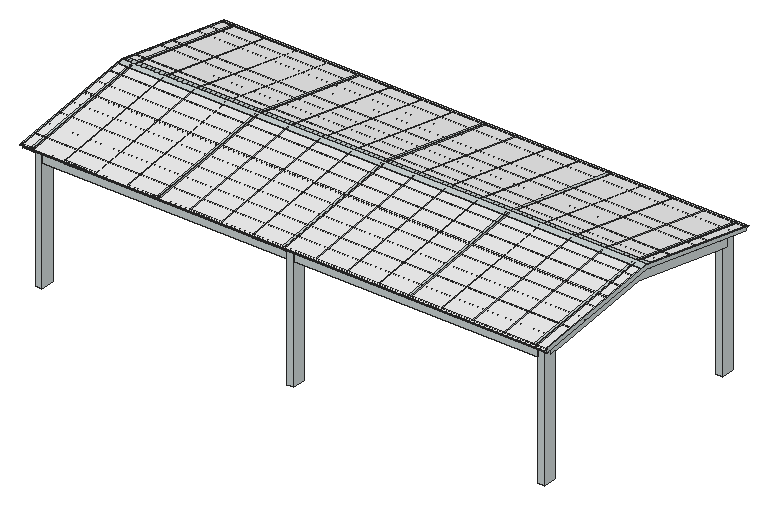
Revit family "Structures Unlimited Center Ridge Canopy", category Generic Models, Revit 2018
Family settings
  Can host rebar = No
  Round Connector Dimension = Use Diameter
  Part Type = Normal
  Work Plane-Based = No
  Always vertical = Yes
  Cut with Voids When Loaded = No
  Shared = Yes
  Room Calculation Point = No
Parameters (values of type "KCRF Aluminum #79")
  Real Out To Out Of Box Beams Length [instance] = if(Out To Out Of Box Beams Length < 10' 0", 10' 0", if(Out To Out Of Box Beams Length > 200' 0", 200' 0", Out To Out Of Box Beams Length))  # 32' - 5"
  Out To Out Of Box Beams Span [instance] = 15' - 0"
  Vertical PD [instance] = (Half Width Of Canopy + 0' 5") / cos(Real Roof Pitch) - 0' 2"  # 7' - 10.30976"
  URL = "https://www.structuresunlimitedinc.com/sui-3d-details/sui-center-ridge-canopy-wide-column-spacing/"
  Top Of Rafter [instance] = (Real Out To Out Of Box Beams Span / 2) * tan(Real Roof Pitch)  # 1' - 2.99625"
  Top Girder Offset [instance] = (Real Out To Out Of Box Beams Span / 2) * tan(Real Roof Pitch) - (Beam Width / 2) * tan(Real Roof Pitch)  # 1' - 2.57969"
  Roof Pitch [instance] = 9.46°
  Real Out To Out Of Box Beams Span [instance] = if(Out To Out Of Box Beams Span < 10' 0", 10' 0", if(Out To Out Of Box Beams Span > 30' 0", 30' 0", Out To Out Of Box Beams Span))  # 15' - 0"
  Real Roof Pitch [instance] = if(Roof Pitch < 9.46°, 9.46°, if(Roof Pitch > 45.00°, 45.00°, Roof Pitch))  # 9.46°
  Real Column Height [instance] = if(Column Height < 2' 0", 2' 0", if(Column Height > 12' 0", 12' 0", Column Height))  # 8' - 0"
  Out To Out Of Box Beams Length [instance] = 32' - 5"
  Nominal Column Spacing [instance] = 16' - 0"
  Center To Center Of Beams [instance] = Real Out To Out Of Box Beams Length - Beam Width  # 32' - 0"
  Rafter Spacing [instance] = Bay Spacing  # 8' - 0"
  Number Of Bays [instance] = Number Of Intmdt Rafters - 1  # 4
  Model = "Center Ridge Canopy"
  Manufacturer = "Structures Unlimited, Inc."
  Horizontal PD [instance] = Center To Center Of Beams + Beam Width + 1' 0"  # 33' - 5"
  Horizontal Grids Per Bay [instance] = Bay Spacing / 2' 0"  # 4
  Horizontal Grid Space [instance] = Bay Spacing / Horizontal Grids Per Bay  # 2' - 0"
  Exterior Ridge Cover Length [instance] = Center To Center Of Beams + Beam Width + 1' 0"  # 33' - 5"
  Panel Offset [instance] = 0' 5" / cos(Real Roof Pitch)  # 0' - 5.06893"
  Outside Of Column [instance] = Beam Height / 2  # 0' - 5"
  Number Of Intmdt Rafters [instance] = if(Column Spacing = Bay Spacing, Number Of Columns, Number Of Columns * 2 - 1)  # 5
  Number Of Columns [instance] = if((Center To Center Of Beams / Real Nominal Column Spacing) > 1, roundup(Center To Center Of Beams / Real Nominal Column Spacing) + 1, 2)  # 3
  Real Nominal Column Spacing [instance] = if(Nominal Column Spacing < 5' 0", 5' 0", if(Nominal Column Spacing > 20' 0", 20' 0", Nominal Column Spacing))  # 16' - 0"
  Half Width Of Canopy [instance] = Real Out To Out Of Box Beams Span / 2  # 7' - 6"
  Half Beam Width [instance] = Beam Width / 2  # 0' - 2 1/2"
  Girder Length [instance] = Center To Center Of Beams - Beam Width  # 31' - 7"
  KCRF = KCRF Aluminum #79
  Even Number Of Horizontal Grids Real [instance] = if(Even Number Of Bays, Even Number Of Bays, Even Number Of Horizontal Grids)  # yes
  Even Number Of Horizontal Grids [instance] = roundup(Horizontal Grids Per Bay / 2) = rounddown(Horizontal Grids Per Bay / 2)  # yes
  Even Number Of Bays [instance] = roundup(Number Of Bays / 2) = rounddown(Number Of Bays / 2)  # yes
  Column Spacing [instance] = Center To Center Of Beams / (Number Of Columns - 1)  # 16' - 0"
  Column Height [instance] = 8' - 0"
  Center Of Canopy [instance] = Center To Center Of Beams / 2  # 16' - 0"
  Beam Width [instance] = 0' - 5"  # constant formula
  Beam Height [instance] = 0' - 10"  # constant formula
  Bay Spacing [instance] = if(Column Spacing > 10' 0", Column Spacing * 0.5, Column Spacing)  # 8' - 0"
Reference planes (in)
  plane 1 "Center (Front/Back)": y = 0
  plane 2: z = 0
  plane 3 "Center (Left/Right)": x = 0
  plane 4: z = 0
  plane 5: z = 96
  plane 6: x = 192
  plane 7: y = 5
  plane 8: y = -175
  plane 9 "Back Roof Plane": through (0, 515.17994, 136.8903) normal (0, 0.1644, 0.9864)
  plane 10: y = -170
  plane 11: z = 110.57969
  plane 12: y = -85
  plane 13: z = 110.99625
  plane 14 "Front Roof Plane": through (0, 480.5224, 266.38609) normal (0, -0.1644, 0.9864)
Lines and regions (in)
  reference lines
    curve 1: line (0, -85, 110.99625) -> (0, 166.53215, 69.0847)
    curve 2: line (0, -85, 110.99625) -> (0, -380.92018, 61.68855)
    curve 3: line (0, -175, 96) -> (0, -241.07232, 492.53304)
    curve 4: line (0, -143.58814, -123.35891) -> (0, -253.05124, 533.58388)
    curve 5: line (0, 5, 96) -> (0, 82.90617, 563.55388)
    curve 6: line (0, -3.2597, 15.58882) -> (0, 103.24494, 654.77639)
Dimensions and locks (in)
  "Real Column Height": plane 5 to plane 4
  "Center Of Canopy": plane 3 "Center (Left/Right)" to plane 6
  "Outside Of Column": plane 1 "Center (Front/Back)" to plane 7
  "Real Out To Out Of Box Beams Span": plane 7 to plane 8
  "Outside Of Column": plane 8 to plane 10
  "Top Girder Offset": plane 11 to plane 5
  "Half Width Of Canopy": plane 7 to plane 12
  "Top Of Rafter": plane 13 to plane 5
  "Half Beam Width": plane 3 "Center (Left/Right)" to nested 1
  "Half Beam Width": plane 3 "Center (Left/Right)" to nested 2
  "Half Beam Width": plane 3 "Center (Left/Right)" to nested 3
  locked: curve 5 to plane 7 at 0
  locked: curve 5 to plane 5 at 0
  locked: curve 3 to plane 5 at 0
  locked: plane 8 to curve 3 at 0
  "Panel Offset": curve 5 to curve 6
  "Panel Offset": curve 4 to curve 3
  "Real Roof Pitch": angle plane 2 to plane 9 "Back Roof Plane"
  "Real Roof Pitch": angle plane 14 "Front Roof Plane" to plane 2
  "Real Roof Pitch": angle plane 13 to curve 1
  "Real Roof Pitch": angle curve 2 to plane 13
  "Real Roof Pitch": angle plane 7 to curve 5
  "Real Roof Pitch": angle plane 7 to curve 6
  "Real Roof Pitch": angle curve 3 to plane 8
  "Real Roof Pitch": angle curve 4 to plane 8
  aligned and locked: plane 2 to level
  aligned and locked: nested 1 to plane 8
  aligned and locked: plane 5 to nested 1
  aligned and locked: nested 2 to plane 12
  aligned and locked: plane 7 to nested 3
  aligned and locked: plane 5 to nested 3
  aligned and locked: plane 11 to nested 2
  aligned and locked: plane 6 to nested 4
  aligned and locked: plane 12 to nested 4
  aligned and locked: plane 4 to nested 4
  aligned and locked: plane 6 to nested 6
  aligned and locked: nested 5 to plane 6
  aligned and locked: nested 5 to curve 6
  aligned and locked: curve 4 to nested 6
  aligned and locked: curve 1 to nested 5
  aligned and locked: nested 6 to curve 2
  aligned and locked: plane 12 to nested 7
  aligned and locked: plane 6 to nested 7
  aligned and locked: plane 4 to nested 7
  aligned and locked: nested 8 to plane 3 "Center (Left/Right)"
  aligned and locked: plane 1 "Center (Front/Back)" to nested 8
  aligned and locked: nested 8 to plane 4
  aligned and locked: nested 9 to plane 3 "Center (Left/Right)"
  aligned and locked: nested 9 to plane 4
  aligned and locked: plane 1 "Center (Front/Back)" to nested 9
  aligned and locked: plane 4 to plane 2
Automatic sketch dimensions
  level to curve 6 = 1' - 3.58882"
  curve 3 to curve 4 = 3' - 5.05085"
Nested families (in)
  nested 1: "Center Ridge Canopy Girders" at (192, -172.5, 86), Beam Width <- "Beam Width", Beam Height <- "Beam Height", Girder Length <- "Girder Length", CRF <- "KCRF", type "Center Ridge Canopy Girders"
    with Girder Length 31' - 7", CRF KCRF Aluminum #79, Beam Width 0' - 5", Beam Height 0' - 10"
  nested 2: "Center Ridge Canopy Girders" at (192, -85, 100.57969), Beam Width <- "Beam Width", Beam Height <- "Beam Height", Girder Length <- "Girder Length", CRF <- "KCRF", type "Center Ridge Canopy Girders"
    with Girder Length 31' - 7", CRF KCRF Aluminum #79, Beam Width 0' - 5", Beam Height 0' - 10"
  nested 3: "Center Ridge Canopy Girders" at (192, 2.5, 86), Beam Width <- "Beam Width", Beam Height <- "Beam Height", Girder Length <- "Girder Length", CRF <- "KCRF", type "Center Ridge Canopy Girders"
    with Girder Length 31' - 7", CRF KCRF Aluminum #79, Beam Width 0' - 5", Beam Height 0' - 10"
  nested 4: "Center Ridge Canopy Ridge Cover" at (192, -85, 0) x (0, 1, 0) z (0, 0, 1), CRF <- "KCRF", Column Height <- "Real Column Height", Length <- "Exterior Ridge Cover Length", Roof Pitch <- "Real Roof Pitch", Width Of Canopy <- "Real Out To Out Of Box Beams Span", type "Center Ridge Canopy Ridge Cover"
    with Width Of Canopy 15' - 0", Roof Pitch 9.46°, RC Thickness 0' - 0.188", Panel Depth 0' - 2 3/4", Length 33' - 5", Leg Length 0' - 5", Column Height 8' - 0", CRF KCRF Aluminum #79
  nested 5: "Center Ridge Canopy Panels" at (192, 10, 95.16687) x (-1, 0, 0) z (0, 0.1644, 0.9864), CRF <- "KCRF", Bay Spacing <- "Bay Spacing", Horizontal PD <- "Horizontal PD", Vertical PD <- "Vertical PD", Even Bays <- "Even Number Of Bays", Horizontal Grid Spacing <- "Horizontal Grid Space", Even Grids <- "Even Number Of Horizontal Grids Real", type "Center Ridge Canopy Panels"
    with Vertical PD 7' - 10.30976", Vertical Grid Spacing 1' - 0", Panel Skin Thickness 0' - 0.063", Panel Angle 90.00°, Overlap Width 0' - 1 3/4", Overlap Offset 0' - 0 7/8", IBeam Width 0' - 0 1/2", IBeam Thickness 0' - 2 5/8", Horizontal PD 33' - 5", Horizontal Grid Spacing 2' - 0", Half IBeam Width 0' - 0 1/4", Half Horizontal PD 16' - 8 1/2", Grid Offset 0' - 0", Even Grids yes, Even Bays yes, CRF KCRF Aluminum #79, Bay Spacing 8' - 0", Batten Width 0' - 2", Batten Thickness 0' - 0 1/8", Batten Offset 0' - 0"
  nested 6: "Center Ridge Canopy Panels" at (192, -180, 95.16687) x (1, 0, 0) z (0, -0.1644, 0.9864), CRF <- "KCRF", Bay Spacing <- "Bay Spacing", Horizontal PD <- "Horizontal PD", Vertical PD <- "Vertical PD", Even Bays <- "Even Number Of Bays", Horizontal Grid Spacing <- "Horizontal Grid Space", Even Grids <- "Even Number Of Horizontal Grids Real", type "Center Ridge Canopy Panels"
    with Vertical PD 7' - 10.30976", Vertical Grid Spacing 1' - 0", Panel Skin Thickness 0' - 0.063", Panel Angle 90.00°, Overlap Width 0' - 1 3/4", Overlap Offset 0' - 0 7/8", IBeam Width 0' - 0 1/2", IBeam Thickness 0' - 2 5/8", Horizontal PD 33' - 5", Horizontal Grid Spacing 2' - 0", Half IBeam Width 0' - 0 1/4", Half Horizontal PD 16' - 8 1/2", Grid Offset 0' - 0", Even Grids yes, Even Bays yes, CRF KCRF Aluminum #79, Bay Spacing 8' - 0", Batten Width 0' - 2", Batten Thickness 0' - 0 1/8", Batten Offset 0' - 0"
  nested 7: "Center Ridge Canopy Edge Cap" at (192, -85, 0) x (0, 1, 0) z (0, 0, 1), CRF <- "KCRF", Length <- "Horizontal PD", Roof Pitch <- "Real Roof Pitch", Span <- "Real Out To Out Of Box Beams Span", Vertical Offset <- "Real Column Height", type "Center Ridge Canopy Edge Cap"
    with Vertical Offset 8' - 0", Thickness 0' - 0 1/8", Span 15' - 0", Roof Pitch 9.46°, Panel Offset 0' - 5.19393", Panel Depth 0' - 2 3/4", Length 33' - 5", Leg Length 0' - 0 1/2", CRF KCRF Aluminum #79
  nested 8: "Center Ridge Canopy Column" at (0, 0, 0) x (0, -1, 0) z (0, 0, 1), CRF <- "KCRF", Beam Height <- "Beam Height", Beam Width <- "Beam Width", CTR To CTR Of Beams <- "Center To Center Of Beams", Column Height <- "Real Column Height", Column Spacing <- "Column Spacing", Roof Pitch <- "Real Roof Pitch", Width Of Canopy <- "Real Out To Out Of Box Beams Span", type "Center Ridge Canopy Column"
    with Width Of Canopy 15' - 0", Void Width 15' - 7", Void Offset 8' - 0", Roof Pitch 9.46°, Half Beam Width 0' - 2 1/2", Half Beam Height 0' - 5", Column Spacing 16' - 0", Column Height 8' - 0", CTR To CTR Of Beams 32' - 0", CRF KCRF Aluminum #79, Beam Width 0' - 5", Beam Height 0' - 10"
  nested 9: "Center Ridge Canopy Rafter" at (0, 0, 0) x (0, -1, 0) z (0, 0, 1), CRF <- "KCRF", Beam Height <- "Beam Height", Beam Width <- "Beam Width", CTR To CTR Of Beams <- "Center To Center Of Beams", Column Height <- "Real Column Height", Column Spacing <- "Bay Spacing", Roof Pitch <- "Real Roof Pitch", Width Of Canopy <- "Real Out To Out Of Box Beams Span", type "Center Ridge Canopy Rafter"
    with Width Of Canopy 15' - 0", Void Width 7' - 7", Void Offset 4' - 0", Roof Pitch 9.46°, Half Beam Width 0' - 2 1/2", Half Beam Height 0' - 5", Column Spacing 8' - 0", Column Height 8' - 0", CTR To CTR Of Beams 32' - 0", CRF KCRF Aluminum #79, Beam Width 0' - 5", Beam Height 0' - 10"
Definition of nested family "Center Ridge Canopy Girders"
  Parameters (values of type "Center Ridge Canopy Girders")
    Girder Length [instance] = 17' - 1"
    CRF [instance] = none
    Beam Width [instance] = 0' - 5"
    Beam Height [instance] = 0' - 10"
  Reference planes (in)
    plane 1 "Center (Front/Back)": y = 0
    plane 2: z = 0
    plane 3 "Center (Left/Right)": x = 0
    plane 4: x = -102.5
    plane 5: x = 102.5
    plane 6: y = -2.5
    plane 7: y = 2.5
    plane 8: z = 10
  Forms (in)
    Extrusion 1, solid, material <- "CRF"
      sketch origin (0, 0, 0) x (0, 1, 0) y (0, 0, 1)
        loop
          line (2.5, 10) -> (-2.5, 10) -> (-2.5, 0) -> (2.5, 0) -> (2.5, 10)
      from -102.5 to 102.5
  Dimensions and locks (in)
    equal spacing: plane 7, plane 1 "Center (Front/Back)", plane 6
    equal spacing: plane 4, plane 3 "Center (Left/Right)", plane 5
    "Beam Width": plane 7 to plane 6
    "Girder Length": plane 4 to plane 5
    "Beam Height": plane 8 to plane 2
    aligned and locked: level to plane 2
    aligned and locked: Extrusion 1 sketch curve to plane 8
    aligned and locked: plane 6 to Extrusion 1 sketch curve
    aligned and locked: Extrusion 1 sketch curve to plane 7
    aligned and locked: plane 2 to Extrusion 1 sketch curve
    aligned and locked: Extrusion 1 to plane 4
    aligned and locked: plane 5 to Extrusion 1
Definition of nested family "Center Ridge Canopy Ridge Cover"
  Parameters (values of type "Center Ridge Canopy Ridge Cover")
    Width Of Canopy [instance] = 16' - 8"
    Roof Pitch [instance] = 12.00°
    RC Thickness [instance] = 0' - 0.188"
    Panel Depth [instance] = 0' - 2 3/4"
    Length [instance] = 50' - 0"
    Leg Length [instance] = 0' - 5"
    Column Height [instance] = 8' - 0"
    CRF [instance] = none
  Reference planes (in)
    plane 1 "Center (Front/Back)": y = 0
    plane 2: z = 0
    plane 3 "Center (Left/Right)": x = 0
    plane 4: y = 300
    plane 5: y = -300
    plane 6: z = 96
    plane 7: x = -100
    plane 8: x = 100
  Forms (in)
    Extrusion 1, solid, material <- "CRF"
      sketch origin (0, 0, 0) x (1, 0, 0) y (0, 0, 1)
        loop
          line (-4.89074, 116.2161) -> (-4.85165, 116.03221) -> (0, 117.06346) -> (4.85165, 116.03221) -> (4.89074, 116.2161) -> (0, 117.25566) -> (-4.89074, 116.2161)
        loop
          line (0, 120.06709) -> (4.89074, 119.02753) -> (4.92983, 119.21143) -> (0, 120.25929) -> (-4.92983, 119.21143) -> (-4.89074, 119.02753) -> (0, 120.06709)
      from -300 to 300
  Lines and regions (in)
    reference lines
      curve 1: line (-100, 0, 96) -> (216.91982, 0, 163.36339)
      curve 2: line (100, 0, 96) -> (-293.21534, 0, 179.5805)
      curve 3: line (-138.78275, 0, 149.56628) -> (100, 0, 98.81144)
      curve 4: line (-144.54135, 0, 89.34388) -> (215.41696, 0, 165.85538)
  Dimensions and locks (in)
    equal spacing: plane 4, plane 1 "Center (Front/Back)", plane 5
    "Length": plane 4 to plane 5
    "Column Height": plane 6 to plane 2
    equal spacing: plane 7, plane 3 "Center (Left/Right)", plane 8
    "Width Of Canopy": plane 7 to plane 8
    locked: plane 6 to curve 1
    locked: curve 1 to plane 7
    locked: plane 8 to curve 2
    locked: curve 2 to plane 6 at 0
    "Panel Depth": curve 1 to curve 4
    "Panel Depth": curve 3 to curve 2
    "Leg Length": Extrusion 1 sketch curve to Extrusion 1 sketch curve  (x4)
    "RC Thickness": Extrusion 1 sketch curve to Extrusion 1 sketch curve  (x4)
    "Roof Pitch": angle plane 6 to curve 1
    "Roof Pitch": angle curve 2 to plane 6
    "Roof Pitch": angle plane 6 to curve 4
    "Roof Pitch": angle curve 3 to plane 6
    aligned and locked: level to plane 2
    aligned and locked: curve 2 to Extrusion 1 sketch curve
    aligned and locked: curve 1 to Extrusion 1 sketch curve
    aligned and locked: curve 4 to Extrusion 1 sketch curve
    aligned and locked: curve 3 to Extrusion 1 sketch curve
    aligned and locked: Extrusion 1 to plane 5
    aligned and locked: plane 4 to Extrusion 1
  Automatic sketch dimensions
    curve 3 to plane 8 = 0' - 0"
    curve 4 to curve 1 = 0' - 1.50286"
Definition of nested family "Center Ridge Canopy Panels"
  Parameters (values of type "Center Ridge Canopy Panels")
    Vertical PD [instance] = 14' - 7"
    Vertical Grid Spacing [instance] = 1' - 0"  # constant formula
    Panel Skin Thickness [instance] = 0' - 0.063"  # constant formula
    Panel Angle [instance] = 90.00°
    Overlap Width [instance] = 0' - 1 3/4"  # constant formula
    Overlap Offset [instance] = Overlap Width / 2  # 0' - 0 7/8"
    IBeam Width [instance] = 0' - 0 1/2"  # constant formula
    IBeam Thickness [instance] = 0' - 2 5/8"  # constant formula
    Horizontal PD [instance] = 16' - 8"
    Horizontal Grid Spacing [instance] = 2' - 0"
    Half IBeam Width [instance] = IBeam Width / 2  # 0' - 0 1/4"
    Half Horizontal PD [instance] = Horizontal PD / 2  # 8' - 4"
    Grid Offset [instance] = if(Even Grids, 0' 0", Horizontal Grid Spacing / 2)  # 1' - 0"
    Even Grids [instance] = no
    Even Bays [instance] = no
    Default Elevation = 4' - 0"
    CRF [instance] = none
    Bay Spacing [instance] = 8' - 0"
    Batten Width [instance] = 0' - 2"  # constant formula
    Batten Thickness [instance] = 0' - 0 1/8"  # constant formula
    Batten Offset [instance] = if(Even Bays, 0' 0", Bay Spacing / 2)  # 4' - 0"
  Reference planes (in)
    plane 1 "Center (Front/Back)": y = 0
    plane 2: z = 0
    plane 3 "Center (Left/Right)": x = 0
    plane 4 "Left Panel": x = -100
    plane 5 "Right Panel": x = 100
    plane 6: z = 0.063
    plane 7: z = 2.688
    plane 8: z = 2.751
    plane 9: y = -1.75
    plane 10 "Left Outside": x = -2000
    plane 11 "Right Outside": x = 2000
    plane 12: y = 0.25
    plane 13 "Max Top PD": y = 1080
    plane 14 "Max Left PD": x = -1976
    plane 15 "Max Right PD": x = 1976
    plane 16 "Top Outside": y = 1104
    plane 17: x = -36
    plane 18: x = -60
    plane 19: x = -84
    plane 20: x = -108
    plane 21: x = -132
    plane 22: x = -156
    plane 23: x = -180
    plane 24: x = -204
    plane 25: x = 12
    plane 26: x = 36
    plane 27: x = 60
    plane 28: x = 84
    plane 29: x = 108
    plane 30: x = 132
    plane 31: x = 156
    plane 32: x = 180
    plane 33: x = 204
    plane 34: x = -228
    plane 35: x = -252
    plane 36: x = 228
    plane 37: x = -276
    plane 38: x = -300
    plane 39: x = -324
    plane 40: x = -348
    plane 41: x = -372
    plane 42: x = -396
    plane 43: x = -420
    plane 44: x = 252
    plane 45: x = 276
    plane 46: x = 300
    plane 47: x = 324
    plane 48: x = 348
    plane 49: x = 372
    plane 50: x = 396
    plane 51: y = 12.25
    plane 52: y = 24.25
    plane 53: y = 36.25
    plane 54: y = 48.25
    plane 55: y = 60.25
    plane 56: y = 72.25
    plane 57: y = 84.25
    plane 58: y = 96.25
    plane 59: y = 108.25
    plane 60: z = 2.876
    plane 61: z = -0.125
    plane 62 "Bot Max": y = -36
    plane 63 "Bot Outside": y = -48
    plane 64: x = -444
    plane 65: x = -468
    plane 66: x = 420
    plane 67: x = 444
    plane 68: y = 120.25
    plane 69: y = 132.25
    plane 70: y = 144.25
    plane 71: y = 156.25
    plane 72: y = 168.25
    plane 73: y = 180.25
    plane 74: y = 192.25
    plane 75: y = 204.25
    plane 76: y = 216.25
    plane 77: y = 228.25
    plane 78: y = 240.25
    plane 79: y = 252.25
    plane 80: y = 264.25
    plane 81: y = 276.25
    plane 82: y = 288.25
    plane 83: y = 300.25
    plane 84: y = 312.25
    plane 85: y = 324.25
    plane 86: y = 336.25
    plane 87: y = 348.25
    plane 88: y = 360.25
    plane 89: y = 372.25
    plane 90: y = 384.25
    plane 91: y = 396.25
    plane 92: y = 408.25
    plane 93: y = 420.25
    plane 94: y = 432.25
    plane 95: y = 444.25
    plane 96: y = 456.25
    plane 97: y = 468.25
    plane 98: y = 480.25
    plane 99: y = 492.25
    plane 100: y = 504.25
    plane 101: y = 516.25
    plane 102: y = 528.25
    plane 103: x = -492
    plane 104: x = -516
    plane 105: x = -540
    plane 106: x = -564
    plane 107: x = -588
    plane 108: x = -612
    plane 109: x = -636
    plane 110: x = -660
    plane 111: x = -684
    plane 112: x = -708
    plane 113: x = -732
    plane 114: x = -756
    plane 115: x = 468
    plane 116: x = 492
    plane 117: x = 540
    plane 118: x = 516
    plane 119: x = 564
    plane 120: x = 588
    plane 121: x = 636
    plane 122: x = 612
    plane 123: x = 660
    plane 124: x = 684
    plane 125: x = 708
    plane 126: x = 732
    plane 127: y = 540.25
    plane 128: y = 552.25
    plane 129: y = 564.25
    plane 130: y = 576.25
    plane 131: y = 588.25
    plane 132: y = 600.25
    plane 133: y = 612.25
    plane 134: y = 624.25
    plane 135: y = 636.25
    plane 136: y = 648.25
    plane 137: y = 660.25
    plane 138: y = 684.25
    plane 139: y = 696.25
    plane 140: y = 672.25
    plane 141: y = 708.25
    plane 142: y = 720.25
    plane 143: y = 744.25
    plane 144: y = 732.25
    plane 145: y = 768.25
    plane 146: y = 756.25
    plane 147: y = 780.25
    plane 148: y = 804.25
    plane 149: y = 792.25
    plane 150: y = 816.25
    plane 151: y = 828.25
    plane 152: y = 840.25
    plane 153: y = 852.25
    plane 154: y = 864.25
    plane 155: y = 876.25
    plane 156: y = 888.25
    plane 157: y = 900.25
    plane 158: y = 912.25
    plane 159: y = 936.25
    plane 160: y = 948.25
    plane 161: y = 960.25
    plane 162: y = 924.25
    plane 163: x = -780
    plane 164: x = -804
    plane 165: x = -828
    plane 166: x = -852
    plane 167: x = -876
    plane 168: x = -900
    plane 169: x = -924
    plane 170: x = -948
    plane 171: x = -972
    plane 172: x = 756
    plane 173: x = 780
    plane 174: x = 804
    plane 175: x = 828
    plane 176: x = 852
    plane 177: x = 876
    plane 178: x = 900
    plane 179: x = 924
    plane 180: x = 948
    plane 181: x = -996
    plane 182: x = -1020
    plane 183: x = -1044
    plane 184: x = -1068
    plane 185: x = 972
    plane 186: x = 996
    plane 187: x = 1020
    plane 188: x = 1044
    plane 189: x = -1092
    plane 190: x = -1116
    plane 191: x = -1140
    plane 192: x = -1164
    plane 193: x = 1068
    plane 194: x = 1092
    plane 195: x = 1116
    plane 196: x = 1140
    plane 197: x = -1188
    plane 198: x = -1212
    plane 199: x = -1236
    plane 200: x = 1188
    plane 201: x = 1164
    plane 202: x = 1212
    plane 203: y = 175.25
    plane 204: x = -1200
    plane 205: x = -1104
    plane 206: x = -1008
    plane 207: x = -912
    plane 208: x = -816
    plane 209: x = -720
    plane 210: x = -624
    plane 211: x = -528
    plane 212: x = -432
    plane 213: x = -336
    plane 214: x = -240
    plane 215: x = -144
    plane 216: x = -48
    plane 217: x = 48
    plane 218: x = 144
    plane 219: x = 240
    plane 220: x = 336
    plane 221: x = 432
    plane 222: x = 528
    plane 223: x = 624
    plane 224: x = 720
    plane 225: x = 816
    plane 226: x = 912
    plane 227: x = 1008
    plane 228: x = 1104
    plane 229: x = 1200
    plane 230: x = -12
  Forms (in)
    Extrusion 1, solid
      sketch origin (0, 0, 0) x (1, 0, 0) y (0, 1, 0)
        loop
          line (1976, 0) -> (1976, 1080) -> (-1976, 1080) -> (-1976, 0) -> (1976, 0)
      from 0.063 to 0
    Extrusion 2, solid
      sketch origin (0, 0, 0) x (1, 0, 0) y (0, 1, 0)
        loop
          line (1976, -1.75) -> (1976, 1080) -> (-1976, 1080) -> (-1976, -1.75) -> (1976, -1.75)
      from 2.688 to 2.751
    Sweep 3, solid
      path origin (0, 0, 0) x (1, 0, 0) y (0, 1, 0)
        loop
          line (1976, 1080) -> (1976, 0.25) -> (1212, 0.25) -> (1212, 1080) -> (1188, 1080) -> (1188, 0.25) -> (1164, 0.25) -> (1164, 1080) -> (1140, 1080) -> (1140, 0.25) -> (1116, 0.25) -> (1116, 1080) -> (1092, 1080) -> (1092, 0.25) -> (1068, 0.25) -> (1068, 1080) -> (1044, 1080) -> (1044, 0.25) -> (1020, 0.25) -> (1020, 1080) -> (996, 1080) -> (996, 0.25) -> (972, 0.25) -> (972, 1080) -> (948, 1080) -> (948, 0.25) -> (924, 0.25) -> (924, 1080) -> (900, 1080) -> (900, 0.25) -> (876, 0.25) -> (876, 1080) -> (852, 1080) -> (852, 0.25) -> (828, 0.25) -> (828, 1080) -> (804, 1080) -> (804, 0.25) -> (780, 0.25) -> (780, 1080) -> (756, 1080) -> (756, 0.25) -> (732, 0.25) -> (732, 1080) -> (708, 1080) -> (708, 0.25) -> (684, 0.25) -> (684, 1080) -> (660, 1080) -> (660, 0.25) -> (636, 0.25) -> (636, 1080) -> (612, 1080) -> (612, 0.25) -> (588, 0.25) -> (588, 1080) -> (564, 1080) -> (564, 0.25) -> (540, 0.25) -> (540, 1080) -> (516, 1080) -> (516, 0.25) -> (492, 0.25) -> (492, 1080) -> (468, 1080) -> (468, 0.25) -> (444, 0.25) -> (444, 1080) -> (420, 1080) -> (420, 0.25) -> (396, 0.25) -> (396, 1080) -> (372, 1080) -> (372, 0.25) -> (348, 0.25) -> (348, 1080) -> (324, 1080) -> (324, 0.25) -> (300, 0.25) -> (300, 1080) -> (276, 1080) -> (276, 0.25) -> (252, 0.25) -> (252, 1080) -> (228, 1080) -> (228, 0.25) -> (204, 0.25) -> (204, 1080) -> (180, 1080) -> (180, 0.25) -> (156, 0.25) -> (156, 1080) -> (132, 1080) -> (132, 0.25) -> (108, 0.25) -> (108, 1080) -> (84, 1080) -> (84, 0.25) -> (60, 0.25) -> (60, 1080) -> (36, 1080) -> (36, 0.25) -> (12, 0.25) -> (12, 1080) -> (-12, 1080) -> (-12, 0.25) -> (-36, 0.25) -> (-36, 1080) -> (-60, 1080) -> (-60, 0.25) -> (-84, 0.25) -> (-84, 1080) -> (-108, 1080) -> (-108, 0.25) -> (-132, 0.25) -> (-132, 1080) -> (-156, 1080) -> (-156, 0.25) -> (-180, 0.25) -> (-180, 1080) -> (-204, 1080) -> (-204, 0.25) -> (-228, 0.25) -> (-228, 1080) -> (-252, 1080) -> (-252, 0.25) -> (-276, 0.25) -> (-276, 1080) -> (-300, 1080) -> (-300, 0.25) -> (-324, 0.25) -> (-324, 1080) -> (-348, 1080) -> (-348, 0.25) -> (-372, 0.25) -> (-372, 1080) -> (-396, 1080) -> (-396, 0.25) -> (-420, 0.25) -> (-420, 1080) -> (-444, 1080) -> (-444, 0.25) -> (-468, 0.25) -> (-468, 1080) -> (-492, 1080) -> (-492, 0.25) -> (-516, 0.25) -> (-516, 1080) -> (-540, 1080) -> (-540, 0.25) -> (-564, 0.25) -> (-564, 1080) -> (-588, 1080) -> (-588, 0.25) -> (-612, 0.25) -> (-612, 1080) -> (-636, 1080) -> (-636, 0.25) -> (-660, 0.25) -> (-660, 1080) -> (-684, 1080) -> (-684, 0.25) -> (-708, 0.25) -> (-708, 1080) -> (-732, 1080) -> (-732, 0.25) -> (-756, 0.25) -> (-756, 1080) -> (-780, 1080) -> (-780, 0.25) -> (-804, 0.25) -> (-804, 1080) -> (-828, 1080) -> (-828, 0.25) -> (-852, 0.25) -> (-852, 1080) -> (-876, 1080) -> (-876, 0.25) -> (-900, 0.25) -> (-900, 1080) -> (-924, 1080) -> (-924, 0.25) -> (-948, 0.25) -> (-948, 1080) -> (-972, 1080) -> (-972, 0.25) -> (-996, 0.25) -> (-996, 1080) -> (-1020, 1080) -> (-1020, 0.25) -> (-1044, 0.25) -> (-1044, 1080) -> (-1068, 1080) -> (-1068, 0.25) -> (-1092, 0.25) -> (-1092, 1080) -> (-1116, 1080) -> (-1116, 0.25) -> (-1140, 0.25) -> (-1140, 1080) -> (-1164, 1080) -> (-1164, 0.25) -> (-1188, 0.25) -> (-1188, 1080) -> (-1212, 1080) -> (-1212, 0.25) -> (-1236, 0.25) -> (-1236, 1080) -> (-1976, 1080) -> (-1976, 0.25)
      profile origin (-1976, 540.125, 0) x (1, 0, 0) y (0, 0, 1)
        loop
          line (0.25, 0.063) -> (0.25, 2.688) -> (-0.25, 2.688) -> (-0.25, 0.063) -> (0.25, 0.063)
    Sweep 4, solid
      path origin (0, 0, 0) x (1, 0, 0) y (0, 1, 0)
        loop
          line (1976, 1080) -> (-1976, 1080) -> (-1976, 960.25) -> (1976, 960.25) -> (1976, 948.25) -> (-1976, 948.25) -> (-1976, 936.25) -> (1976, 936.25) -> (1976, 924.25) -> (-1976, 924.25) -> (-1976, 912.25) -> (1976, 912.25) -> (1976, 900.25) -> (-1976, 900.25) -> (-1976, 888.25) -> (1976, 888.25) -> (1976, 876.25) -> (-1976, 876.25) -> (-1976, 864.25) -> (1976, 864.25) -> (1976, 852.25) -> (-1976, 852.25) -> (-1976, 840.25) -> (1976, 840.25) -> (1976, 828.25) -> (-1976, 828.25) -> (-1976, 816.25) -> (1976, 816.25) -> (1976, 804.25) -> (-1976, 804.25) -> (-1976, 792.25) -> (1976, 792.25) -> (1976, 780.25) -> (-1976, 780.25) -> (-1976, 768.25) -> (1976, 768.25) -> (1976, 756.25) -> (-1976, 756.25) -> (-1976, 744.25) -> (1976, 744.25) -> (1976, 732.25) -> (-1976, 732.25) -> (-1976, 720.25) -> (1976, 720.25) -> (1976, 708.25) -> (-1976, 708.25) -> (-1976, 696.25) -> (1976, 696.25) -> (1976, 684.25) -> (-1976, 684.25) -> (-1976, 672.25) -> (1976, 672.25) -> (1976, 660.25) -> (-1976, 660.25) -> (-1976, 648.25) -> (1976, 648.25) -> (1976, 636.25) -> (-1976, 636.25) -> (-1976, 624.25) -> (1976, 624.25) -> (1976, 612.25) -> (-1976, 612.25) -> (-1976, 600.25) -> (1976, 600.25) -> (1976, 588.25) -> (-1976, 588.25) -> (-1976, 576.25) -> (1976, 576.25) -> (1976, 564.25) -> (-1976, 564.25) -> (-1976, 552.25) -> (1976, 552.25) -> (1976, 540.25) -> (-1976, 540.25) -> (-1976, 528.25) -> (1976, 528.25) -> (1976, 516.25) -> (-1976, 516.25) -> (-1976, 504.25) -> (1976, 504.25) -> (1976, 492.25) -> (-1976, 492.25) -> (-1976, 480.25) -> (1976, 480.25) -> (1976, 468.25) -> (-1976, 468.25) -> (-1976, 456.25) -> (1976, 456.25) -> (1976, 444.25) -> (-1976, 444.25) -> (-1976, 432.25) -> (1976, 432.25) -> (1976, 420.25) -> (-1976, 420.25) -> (-1976, 408.25) -> (1976, 408.25) -> (1976, 396.25) -> (-1976, 396.25) -> (-1976, 384.25) -> (1976, 384.25) -> (1976, 372.25) -> (-1976, 372.25) -> (-1976, 360.25) -> (1976, 360.25) -> (1976, 348.25) -> (-1976, 348.25) -> (-1976, 336.25) -> (1976, 336.25) -> (1976, 324.25) -> (-1976, 324.25) -> (-1976, 312.25) -> (1976, 312.25) -> (1976, 300.25) -> (-1976, 300.25) -> (-1976, 288.25) -> (1976, 288.25) -> (1976, 276.25) -> (-1976, 276.25) -> (-1976, 264.25) -> (1976, 264.25) -> (1976, 252.25) -> (-1976, 252.25) -> (-1976, 240.25) -> (1976, 240.25) -> (1976, 228.25) -> (-1976, 228.25) -> (-1976, 216.25) -> (1976, 216.25) -> (1976, 204.25) -> (-1976, 204.25) -> (-1976, 192.25) -> (1976, 192.25) -> (1976, 180.25) -> (-1976, 180.25) -> (-1976, 168.25) -> (1976, 168.25) -> (1976, 156.25) -> (-1976, 156.25) -> (-1976, 144.25) -> (1976, 144.25) -> (1976, 132.25) -> (-1976, 132.25) -> (-1976, 120.25) -> (1976, 120.25) -> (1976, 108.25) -> (-1976, 108.25) -> (-1976, 96.25) -> (1976, 96.25) -> (1976, 84.25) -> (-1976, 84.25) -> (-1976, 72.25) -> (1976, 72.25) -> (1976, 60.25) -> (-1976, 60.25) -> (-1976, 48.25) -> (1976, 48.25) -> (1976, 36.25) -> (-1976, 36.25) -> (-1976, 24.25) -> (1976, 24.25) -> (1976, 12.25) -> (-1976, 12.25) -> (-1976, 0.25) -> (1976, 0.25)
      profile origin (0, 0.25, 0) x (0, 1, 0) y (0, 0, 1)
        loop
          line (-0.25, 2.688) -> (-0.25, 0.063) -> (0.25, 0.063) -> (0.25, 2.688) -> (-0.25, 2.688)
    Extrusion 5, void
      sketch origin (0, 0, 0) x (1, 0, 0) y (0, 1, 0)
        loop
          line (-100, -1.75) -> (-100, 175.25) -> (100, 175.25) -> (100, -1.75) -> (2000, -1.75) -> (2000, 1104) -> (-2000, 1104) -> (-2000, -1.75) -> (-100, -1.75)
      from -0.125 to 2.876
    Extrusion 6, void
      sketch origin (0, 0, 0) x (1, 0, 0) y (0, 1, 0)
        loop
          line (-2000, -48) -> (2000, -48) -> (2000, 0) -> (-2000, 0) -> (-2000, -48)
      from -0.125 to 2.876
    Sweep 7, solid, material <- "CRF"
      path origin (0, 0, 0) x (1, 0, 0) y (0, 1, 0)
        loop
          line (1976, 1079.125) -> (-1976, 1079.125) -> (-1976, 959.375) -> (1976, 959.375) -> (1976, 899.375) -> (-1976, 899.375) -> (-1976, 839.375) -> (1976, 839.375) -> (1976, 779.375) -> (-1976, 779.375) -> (-1976, 719.375) -> (1976, 719.375) -> (1976, 659.375) -> (-1976, 659.375) -> (-1976, 599.375) -> (1976, 599.375) -> (1976, 539.375) -> (-1976, 539.375) -> (-1976, 479.375) -> (1976, 479.375) -> (1976, 419.375) -> (-1976, 419.375) -> (-1976, 359.375) -> (1976, 359.375) -> (1976, 299.375) -> (-1976, 299.375) -> (-1976, 239.375) -> (1976, 239.375) -> (1976, 179.375) -> (-1976, 179.375) -> (-1976, 119.375) -> (1976, 119.375) -> (1976, 59.375) -> (-1976, 59.375)
      profile origin (0, 59.375, 0) x (0, -1, 0) y (0, 0, 1)
        loop
          line (-0.875, 2.688) -> (-0.875, -0.125) -> (0.875, -0.125) -> (0.875, 2.688) -> (-0.875, 2.688)
    Sweep 8, solid, material <- "CRF"
      path origin (0, 0, 0) x (1, 0, 0) y (0, 1, 0)
        loop
          line (1976, -36) -> (1976, 1080) -> (1200, 1080) -> (1200, -36) -> (1104, -36) -> (1104, 1080) -> (1008, 1080) -> (1008, -36) -> (912, -36) -> (912, 1080) -> (816, 1080) -> (816, -36) -> (720, -36) -> (720, 1080) -> (624, 1080) -> (624, -36) -> (528, -36) -> (528, 1080) -> (432, 1080) -> (432, -36) -> (336, -36) -> (336, 1080) -> (240, 1080) -> (240, -36) -> (144, -36) -> (144, 1080) -> (48, 1080) -> (48, -36) -> (-48, -36) -> (-48, 1080) -> (-144, 1080) -> (-144, -36) -> (-240, -36) -> (-240, 1080) -> (-336, 1080) -> (-336, -36) -> (-432, -36) -> (-432, 1080) -> (-528, 1080) -> (-528, -36) -> (-624, -36) -> (-624, 1080) -> (-720, 1080) -> (-720, -36) -> (-816, -36) -> (-816, 1080) -> (-912, 1080) -> (-912, -36) -> (-1008, -36) -> (-1008, 1080) -> (-1104, 1080) -> (-1104, -36) -> (-1200, -36) -> (-1200, 1080) -> (-1976, 1080) -> (-1976, -36)
      profile origin (-1976, 522, 0) x (1, 0, 0) y (0, 0, 1)
        loop
          line (-1, 2.876) -> (-1, -0.125) -> (1, -0.125) -> (1, 2.876) -> (-1, 2.876)
    Extrusion 9, solid, material <- "CRF"
      sketch origin (0, 0, 0) x (0, 1, 0) y (0, 0, 1)
        loop
          line (0, 2.688) -> (-1.75, 2.688) -> (-1.75, 2.563) -> (-0.125, 2.563) -> (-0.125, -0.125) -> (0.5, -0.125) -> (0.5, 0) -> (0, 0) -> (0, 2.688)
      from -1976 to 1976
  Cuts and joins
    Extrusion 5, Extrusion 6 cuts Sweep 4
    Extrusion 5, Extrusion 6 cuts Sweep 3
    Extrusion 5 cuts Extrusion 2
    Extrusion 5, Extrusion 6 cuts Extrusion 1
    Extrusion 5 cuts Sweep 7
    Extrusion 5, Extrusion 6 cuts Sweep 8
    Extrusion 5 cuts Extrusion 9
  Lines and regions (in)
    reference lines
      curve 1: line (-100, 0, 0) -> (-100, 318, 0)
      curve 2: line (100, 0, 0) -> (100, 456, 0)
  Dimensions and locks (in)
    locked: plane 1 "Center (Front/Back)" to curve 1
    locked: plane 4 "Left Panel" to curve 1
    locked: plane 5 "Right Panel" to curve 2
    locked: plane 1 "Center (Front/Back)" to curve 2 at 0
    "Panel Skin Thickness": plane 6 to plane 2
    "IBeam Thickness": plane 7 to plane 6
    "Panel Skin Thickness": plane 8 to plane 7
    "Half Horizontal PD": plane 4 "Left Panel" to plane 3 "Center (Left/Right)"
    "Half Horizontal PD": plane 3 "Center (Left/Right)" to plane 5 "Right Panel"
    "Overlap Width": plane 1 "Center (Front/Back)" to plane 9
    locked: plane 10 "Left Outside" to plane 3 "Center (Left/Right)" at 2000
    locked: plane 3 "Center (Left/Right)" to plane 11 "Right Outside" at 2000
    "Half IBeam Width": plane 1 "Center (Front/Back)" to plane 12
    locked: plane 1 "Center (Front/Back)" to plane 13 "Max Top PD" at 1080
    equal spacing: Sweep 3 sketch curve, profile plane, Sweep 3 sketch curve
    "IBeam Width": Sweep 3 sketch curve to Sweep 3 sketch curve
    "IBeam Width": Sweep 4 sketch curve to Sweep 4 sketch curve
    equal spacing: Sweep 4 sketch curve, plane 12, Sweep 4 sketch curve
    "Batten Thickness": plane 60 to plane 8
    "Batten Thickness": plane 2 to plane 61
    locked: plane 62 "Bot Max" to plane 1 "Center (Front/Back)" at 36
    locked: plane 63 "Bot Outside" to plane 1 "Center (Front/Back)" at 48
    "Vertical Grid Spacing": plane 102 to plane 101 to plane 100 to plane 99 to plane 98 to plane 97 to plane 96 to plane 95 to plane 94 to plane 93 to plane 92 to plane 91 to plane 90 to plane 89 to plane 88 to plane 87 to plane 86 to plane 85 to plane 84 to plane 83 to plane 82 to plane 81 to plane 80 to plane 79 to plane 78 to plane 77 to plane 76 to plane 75 to plane 74 to plane 73 to plane 72 to plane 71 to plane 70 to plane 69 to plane 68 to plane 59 to plane 58 to plane 57 to plane 56 to plane 55 to plane 54 to plane 53 to plane 52 to plane 51 to plane 12
    "Overlap Offset": Sweep 7 sketch curve to plane 55
    "Overlap Offset": plane 68 to Sweep 7 sketch curve
    "Overlap Offset": plane 73 to Sweep 7 sketch curve
    "Overlap Offset": plane 78 to Sweep 7 sketch curve
    "Overlap Offset": plane 83 to Sweep 7 sketch curve
    "Overlap Offset": Sweep 7 sketch curve to plane 88
    "Overlap Offset": plane 93 to Sweep 7 sketch curve
    "Overlap Offset": Sweep 7 sketch curve to plane 98
    "Overlap Offset": plane 13 "Max Top PD" to Sweep 7 sketch curve
    equal spacing: Sweep 7 sketch curve, profile plane, Sweep 7 sketch curve
    "Overlap Width": Sweep 7 sketch curve to Sweep 7 sketch curve
    locked: plane 10 "Left Outside" to plane 14 "Max Left PD" at 24
    locked: plane 15 "Max Right PD" to plane 11 "Right Outside" at 24
    locked: plane 16 "Top Outside" to plane 13 "Max Top PD" at 24
    "Vertical Grid Spacing": plane 102 to plane 127 to plane 128 to plane 129 to plane 130 to plane 131 to plane 132 to plane 133 to plane 134 to plane 135 to plane 136 to plane 137 to plane 140 to plane 138 to plane 139 to plane 141 to plane 142 to plane 144 to plane 143 to plane 146 to plane 145 to plane 147
    "Vertical Grid Spacing": plane 147 to plane 149 to plane 148 to plane 150 to plane 151 to plane 152 to plane 153 to plane 154 to plane 155 to plane 156 to plane 157 to plane 158 to plane 162 to plane 159 to plane 160 to plane 161
    "Overlap Offset": Sweep 7 sketch curve to plane 127
    "Overlap Offset": plane 132 to Sweep 7 sketch curve
    "Overlap Offset": Sweep 7 sketch curve to plane 137
    "Overlap Offset": Sweep 7 sketch curve to plane 142
    "Overlap Offset": Sweep 7 sketch curve to plane 147
    "Overlap Offset": Sweep 7 sketch curve to plane 152
    "Overlap Offset": plane 157 to Sweep 7 sketch curve
    "Overlap Offset": Sweep 7 sketch curve to plane 161
    "Vertical PD": plane 203 to plane 12
    "Batten Offset": plane 216 to plane 3 "Center (Left/Right)"
    "Bay Spacing": plane 204 to plane 205 to plane 206 to plane 207 to plane 208 to plane 209 to plane 210 to plane 211 to plane 212 to plane 213 to plane 214 to plane 215 to plane 216
    "Bay Spacing": plane 216 to plane 217 to plane 218 to plane 219 to plane 220 to plane 221 to plane 222 to plane 223 to plane 224 to plane 225 to plane 226 to plane 227 to plane 228
    equal spacing: Sweep 8 sketch curve, profile plane, Sweep 8 sketch curve
    "Batten Width": Sweep 8 sketch curve to Sweep 8 sketch curve
    "Bay Spacing": plane 228 to plane 229
    locked: Extrusion 9 sketch curve to Extrusion 9 sketch curve at 0.125  (x3)
    locked: Extrusion 9 sketch curve to Extrusion 9 sketch curve at 0.5
    "Grid Offset": plane 230 to plane 3 "Center (Left/Right)"
    "Horizontal Grid Spacing": plane 199 to plane 198 to plane 197 to plane 192 to plane 191 to plane 190 to plane 189 to plane 184 to plane 183 to plane 182 to plane 181 to plane 171 to plane 170 to plane 169 to plane 168 to plane 167 to plane 166 to plane 165 to plane 164 to plane 163 to plane 114 to plane 113 to plane 112 to plane 111 to plane 110 to plane 109 to plane 108 to plane 107 to plane 106 to plane 105 to plane 104 to plane 103 to plane 65 to plane 64 to plane 43 to plane 42 to plane 41 to plane 40 to plane 39 to plane 38 to plane 37 to plane 35 to plane 34 to plane 24 to plane 23 to plane 22 to plane 21 to plane 20 to plane 19 to plane 18 to plane 17 to plane 230
    "Horizontal Grid Spacing": plane 230 to plane 25 to plane 26 to plane 27 to plane 28 to plane 29 to plane 30 to plane 31 to plane 32 to plane 33 to plane 36 to plane 44 to plane 45 to plane 46 to plane 47 to plane 48 to plane 49 to plane 50 to plane 66 to plane 67 to plane 115 to plane 116 to plane 118 to plane 117 to plane 119 to plane 120 to plane 122 to plane 121 to plane 123 to plane 124 to plane 125 to plane 126 to plane 172 to plane 173 to plane 174 to plane 175 to plane 176 to plane 177 to plane 178 to plane 179 to plane 180 to plane 185 to plane 186 to plane 187 to plane 188 to plane 193 to plane 194 to plane 195 to plane 196 to plane 201 to plane 200 to plane 202
    "Panel Angle": angle plane 1 "Center (Front/Back)" to curve 1
    "Panel Angle": angle curve 2 to plane 1 "Center (Front/Back)"
    aligned and locked: level to plane 2
    aligned and locked: Extrusion 1 sketch curve to plane 1 "Center (Front/Back)"
    aligned and locked: plane 2 to Extrusion 1
    aligned and locked: Extrusion 1 to plane 6
    aligned and locked: Extrusion 2 sketch curve to plane 9
    aligned and locked: Extrusion 2 to plane 7
    aligned and locked: Extrusion 2 to plane 8
    aligned and locked: Sweep 3 sketch curve to plane 14 "Max Left PD"
    aligned and locked: Sweep 3 sketch curve to plane 13 "Max Top PD"  (x42)
    aligned and locked: Sweep 3 sketch curve to plane 42
    aligned and locked: Sweep 3 sketch curve to plane 41
    aligned and locked: Sweep 3 sketch curve to plane 40
    aligned and locked: Sweep 3 sketch curve to plane 39
    aligned and locked: Sweep 3 sketch curve to plane 38
    aligned and locked: Sweep 3 sketch curve to plane 37
    aligned and locked: Sweep 3 sketch curve to plane 35
    aligned and locked: Sweep 3 sketch curve to plane 34
    aligned and locked: Sweep 3 sketch curve to plane 24
    aligned and locked: Sweep 3 sketch curve to plane 23
    aligned and locked: Sweep 3 sketch curve to plane 22
    aligned and locked: Sweep 3 sketch curve to plane 21
    aligned and locked: Sweep 3 sketch curve to plane 20
    aligned and locked: Sweep 3 sketch curve to plane 19
    aligned and locked: Sweep 3 sketch curve to plane 18
    aligned and locked: Sweep 3 sketch curve to plane 17
    aligned and locked: Sweep 3 sketch curve to plane 25
    aligned and locked: Sweep 3 sketch curve to plane 26
    aligned and locked: Sweep 3 sketch curve to plane 27
    aligned and locked: Sweep 3 sketch curve to plane 28
    aligned and locked: Sweep 3 sketch curve to plane 29
    aligned and locked: Sweep 3 sketch curve to plane 30
    aligned and locked: Sweep 3 sketch curve to plane 31
    aligned and locked: Sweep 3 sketch curve to plane 32
    aligned and locked: Sweep 3 sketch curve to plane 33
    aligned and locked: Sweep 3 sketch curve to plane 36
    aligned and locked: Sweep 3 sketch curve to plane 44
    aligned and locked: Sweep 3 sketch curve to plane 45
    aligned and locked: Sweep 3 sketch curve to plane 46
    aligned and locked: Sweep 3 sketch curve to plane 47
    aligned and locked: Sweep 3 sketch curve to plane 48
    aligned and locked: Sweep 3 sketch curve to plane 49
    aligned and locked: Sweep 3 sketch curve to plane 50
    aligned and locked: Sweep 3 sketch curve to plane 12  (x42)
    aligned and locked: plane 12 to Sweep 3 sketch curve  (x11)
    aligned and locked: Sweep 3 sketch curve to plane 7
    aligned and locked: plane 6 to Sweep 3 sketch curve
    aligned and locked: Extrusion 2 sketch curve to plane 15 "Max Right PD"
    aligned and locked: plane 14 "Max Left PD" to Extrusion 2 sketch curve
    aligned and locked: Extrusion 2 sketch curve to plane 13 "Max Top PD"
    aligned and locked: plane 13 "Max Top PD" to Extrusion 1 sketch curve
    aligned and locked: Extrusion 1 sketch curve to plane 14 "Max Left PD"
    aligned and locked: Extrusion 1 sketch curve to plane 15 "Max Right PD"
    aligned and locked: Sweep 4 sketch curve to plane 12
    aligned and locked: Sweep 4 sketch curve to plane 51
    aligned and locked: Sweep 4 sketch curve to plane 52
    aligned and locked: Sweep 4 sketch curve to plane 53
    aligned and locked: Sweep 4 sketch curve to plane 54
    aligned and locked: Sweep 4 sketch curve to plane 55
    aligned and locked: Sweep 4 sketch curve to plane 56
    aligned and locked: Sweep 4 sketch curve to plane 57
    aligned and locked: Sweep 4 sketch curve to plane 58
    aligned and locked: Sweep 4 sketch curve to plane 59
    aligned and locked: Sweep 4 sketch curve to plane 13 "Max Top PD"
    aligned and locked: plane 15 "Max Right PD" to Sweep 4 sketch curve
    aligned and locked: plane 14 "Max Left PD" to Sweep 4 sketch curve  (x41)
    aligned and locked: Sweep 4 sketch curve to plane 15 "Max Right PD"  (x41)
    aligned and locked: plane 6 to Sweep 4 sketch curve
    aligned and locked: Sweep 4 sketch curve to plane 7
    aligned and locked: Extrusion 5 sketch curve to plane 16 "Top Outside"
    aligned and locked: plane 9 to Extrusion 5 sketch curve
    aligned and locked: Extrusion 5 sketch curve to plane 9
    aligned and locked: Extrusion 5 sketch curve to curve 1
    aligned and locked: Extrusion 5 sketch curve to curve 2
    aligned and locked: Extrusion 5 sketch curve to plane 11 "Right Outside"
    aligned and locked: plane 10 "Left Outside" to Extrusion 5 sketch curve
    aligned and locked: Extrusion 5 to plane 61
    aligned and locked: Extrusion 5 to plane 60
    aligned and locked: Extrusion 6 sketch curve to plane 1 "Center (Front/Back)"
    aligned and locked: plane 11 "Right Outside" to Extrusion 6 sketch curve
    aligned and locked: Extrusion 6 sketch curve to plane 10 "Left Outside"
    aligned and locked: Extrusion 6 sketch curve to plane 63 "Bot Outside"
    aligned and locked: plane 61 to Extrusion 6
    aligned and locked: plane 60 to Extrusion 6
    aligned and locked: Sweep 3 sketch curve to plane 65
    aligned and locked: Sweep 3 sketch curve to plane 64
    aligned and locked: Sweep 3 sketch curve to plane 43
    aligned and locked: Sweep 3 sketch curve to plane 66
    aligned and locked: Sweep 3 sketch curve to plane 67
    aligned and locked: Sweep 3 sketch curve to plane 15 "Max Right PD"
    aligned and locked: plane 13 "Max Top PD" to Sweep 3 sketch curve  (x11)
    aligned and locked: Sweep 4 sketch curve to plane 68
    aligned and locked: Sweep 4 sketch curve to plane 69
    aligned and locked: Sweep 4 sketch curve to plane 70
    aligned and locked: Sweep 4 sketch curve to plane 71
    aligned and locked: Sweep 4 sketch curve to plane 72
    aligned and locked: Sweep 4 sketch curve to plane 73
    aligned and locked: Sweep 4 sketch curve to plane 74
    aligned and locked: Sweep 4 sketch curve to plane 75
    aligned and locked: Sweep 4 sketch curve to plane 76
    aligned and locked: Sweep 4 sketch curve to plane 77
    aligned and locked: Sweep 4 sketch curve to plane 78
    aligned and locked: Sweep 4 sketch curve to plane 79
    aligned and locked: Sweep 4 sketch curve to plane 80
    aligned and locked: Sweep 4 sketch curve to plane 81
    aligned and locked: Sweep 4 sketch curve to plane 82
    aligned and locked: Sweep 4 sketch curve to plane 83
    aligned and locked: Sweep 4 sketch curve to plane 84
    aligned and locked: Sweep 4 sketch curve to plane 85
    aligned and locked: Sweep 4 sketch curve to plane 86
    aligned and locked: Sweep 4 sketch curve to plane 87
    aligned and locked: Sweep 4 sketch curve to plane 88
    aligned and locked: Sweep 4 sketch curve to plane 89
    aligned and locked: Sweep 4 sketch curve to plane 90
    aligned and locked: Sweep 4 sketch curve to plane 91
    aligned and locked: Sweep 4 sketch curve to plane 92
    aligned and locked: Sweep 4 sketch curve to plane 93
    aligned and locked: Sweep 4 sketch curve to plane 94
    aligned and locked: Sweep 4 sketch curve to plane 95
    aligned and locked: Sweep 4 sketch curve to plane 96
    aligned and locked: Sweep 4 sketch curve to plane 97
    aligned and locked: Sweep 4 sketch curve to plane 98
    aligned and locked: Sweep 4 sketch curve to plane 99
    aligned and locked: Sweep 4 sketch curve to plane 100
    aligned and locked: Sweep 4 sketch curve to plane 101
    aligned and locked: Sweep 4 sketch curve to plane 102
    aligned and locked: plane 14 "Max Left PD" to Sweep 7 sketch curve  (x9)
    aligned and locked: Sweep 7 sketch curve to plane 15 "Max Right PD"  (x9)
    aligned and locked: Sweep 7 sketch curve to plane 7
    aligned and locked: Sweep 7 sketch curve to plane 61
    aligned and locked: Sweep 3 sketch curve to plane 103
    aligned and locked: Sweep 3 sketch curve to plane 104
    aligned and locked: Sweep 3 sketch curve to plane 105
    aligned and locked: Sweep 3 sketch curve to plane 106
    aligned and locked: Sweep 3 sketch curve to plane 107
    aligned and locked: Sweep 3 sketch curve to plane 108
    aligned and locked: Sweep 3 sketch curve to plane 109
    aligned and locked: Sweep 3 sketch curve to plane 110
    aligned and locked: Sweep 3 sketch curve to plane 111
    aligned and locked: Sweep 3 sketch curve to plane 112
    aligned and locked: Sweep 3 sketch curve to plane 113
    aligned and locked: Sweep 3 sketch curve to plane 114
    aligned and locked: Sweep 3 sketch curve to plane 115
    aligned and locked: Sweep 3 sketch curve to plane 116
    aligned and locked: Sweep 3 sketch curve to plane 118
    aligned and locked: Sweep 3 sketch curve to plane 117
    aligned and locked: Sweep 3 sketch curve to plane 119
    aligned and locked: Sweep 3 sketch curve to plane 120
    aligned and locked: Sweep 3 sketch curve to plane 122
    aligned and locked: Sweep 3 sketch curve to plane 121
    aligned and locked: Sweep 3 sketch curve to plane 123
    aligned and locked: Sweep 3 sketch curve to plane 124
    aligned and locked: Sweep 3 sketch curve to plane 125
    aligned and locked: Sweep 3 sketch curve to plane 126
    aligned and locked: Sweep 4 sketch curve to plane 127
    aligned and locked: Sweep 4 sketch curve to plane 128
    aligned and locked: Sweep 4 sketch curve to plane 129
    aligned and locked: Sweep 4 sketch curve to plane 130
    aligned and locked: Sweep 4 sketch curve to plane 131
    aligned and locked: Sweep 4 sketch curve to plane 132
    aligned and locked: Sweep 4 sketch curve to plane 133
    aligned and locked: Sweep 4 sketch curve to plane 134
    aligned and locked: Sweep 4 sketch curve to plane 135
    aligned and locked: Sweep 4 sketch curve to plane 136
    aligned and locked: Sweep 4 sketch curve to plane 137
    aligned and locked: Sweep 4 sketch curve to plane 140
    aligned and locked: Sweep 4 sketch curve to plane 138
    aligned and locked: Sweep 4 sketch curve to plane 139
    aligned and locked: Sweep 4 sketch curve to plane 141
    aligned and locked: Sweep 4 sketch curve to plane 142
    aligned and locked: Sweep 4 sketch curve to plane 144
    aligned and locked: Sweep 4 sketch curve to plane 143
    aligned and locked: Sweep 4 sketch curve to plane 146
    aligned and locked: Sweep 4 sketch curve to plane 145
    aligned and locked: Sweep 4 sketch curve to plane 147
    aligned and locked: Sweep 4 sketch curve to plane 149
    aligned and locked: Sweep 4 sketch curve to plane 148
    aligned and locked: Sweep 4 sketch curve to plane 150
    aligned and locked: Sweep 4 sketch curve to plane 151
    aligned and locked: Sweep 4 sketch curve to plane 152
    aligned and locked: Sweep 4 sketch curve to plane 153
    aligned and locked: Sweep 4 sketch curve to plane 154
    aligned and locked: Sweep 4 sketch curve to plane 155
    aligned and locked: Sweep 4 sketch curve to plane 156
    aligned and locked: Sweep 4 sketch curve to plane 157
    aligned and locked: Sweep 4 sketch curve to plane 158
    aligned and locked: Sweep 4 sketch curve to plane 162
    aligned and locked: Sweep 4 sketch curve to plane 159
    aligned and locked: Sweep 4 sketch curve to plane 160
    aligned and locked: Sweep 4 sketch curve to plane 161
    aligned and locked: Sweep 3 sketch curve to plane 163
    aligned and locked: Sweep 3 sketch curve to plane 164
    aligned and locked: Sweep 3 sketch curve to plane 165
    aligned and locked: Sweep 3 sketch curve to plane 166
    aligned and locked: Sweep 3 sketch curve to plane 167
    aligned and locked: Sweep 3 sketch curve to plane 168
    aligned and locked: Sweep 3 sketch curve to plane 169
    aligned and locked: Sweep 3 sketch curve to plane 170
    aligned and locked: Sweep 3 sketch curve to plane 171
    aligned and locked: Sweep 3 sketch curve to plane 181
    aligned and locked: Sweep 3 sketch curve to plane 182
    aligned and locked: Sweep 3 sketch curve to plane 183
    aligned and locked: Sweep 3 sketch curve to plane 189
    aligned and locked: Sweep 3 sketch curve to plane 190
    aligned and locked: Sweep 3 sketch curve to plane 191
    aligned and locked: Sweep 3 sketch curve to plane 192
    aligned and locked: Sweep 3 sketch curve to plane 197
    aligned and locked: Sweep 3 sketch curve to plane 198
    aligned and locked: Sweep 3 sketch curve to plane 199
    aligned and locked: Sweep 3 sketch curve to plane 184
    aligned and locked: Sweep 3 sketch curve to plane 172
    aligned and locked: Sweep 3 sketch curve to plane 173
    aligned and locked: Sweep 3 sketch curve to plane 174
    aligned and locked: Sweep 3 sketch curve to plane 175
    aligned and locked: Sweep 3 sketch curve to plane 176
    aligned and locked: Sweep 3 sketch curve to plane 177
    aligned and locked: Sweep 3 sketch curve to plane 178
    aligned and locked: Sweep 3 sketch curve to plane 179
    aligned and locked: Sweep 3 sketch curve to plane 180
    aligned and locked: Sweep 3 sketch curve to plane 185
    aligned and locked: Sweep 3 sketch curve to plane 186
    aligned and locked: Sweep 3 sketch curve to plane 187
    aligned and locked: Sweep 3 sketch curve to plane 188
    aligned and locked: Sweep 3 sketch curve to plane 193
    aligned and locked: Sweep 3 sketch curve to plane 194
    aligned and locked: Sweep 3 sketch curve to plane 195
    aligned and locked: Sweep 3 sketch curve to plane 196
    aligned and locked: Sweep 3 sketch curve to plane 201
    aligned and locked: Sweep 3 sketch curve to plane 200
    aligned and locked: Sweep 3 sketch curve to plane 202
    aligned and locked: Extrusion 5 sketch curve to plane 203
    aligned and locked: Sweep 8 sketch curve to plane 14 "Max Left PD"
    aligned and locked: Sweep 8 sketch curve to plane 204
    aligned and locked: Sweep 8 sketch curve to plane 205
    aligned and locked: Sweep 8 sketch curve to plane 206
    aligned and locked: Sweep 8 sketch curve to plane 207
    aligned and locked: Sweep 8 sketch curve to plane 208
    aligned and locked: Sweep 8 sketch curve to plane 209
    aligned and locked: Sweep 8 sketch curve to plane 210
    aligned and locked: Sweep 8 sketch curve to plane 211
    aligned and locked: Sweep 8 sketch curve to plane 62 "Bot Max"  (x10)
    aligned and locked: Sweep 8 sketch curve to plane 13 "Max Top PD"  (x14)
    aligned and locked: Sweep 8 sketch curve to plane 60
    aligned and locked: plane 61 to Sweep 8 sketch curve
    aligned and locked: Sweep 8 sketch curve to plane 212
    aligned and locked: Sweep 8 sketch curve to plane 213
    aligned and locked: Sweep 8 sketch curve to plane 214
    aligned and locked: Sweep 8 sketch curve to plane 215
    aligned and locked: Sweep 8 sketch curve to plane 216
    aligned and locked: Sweep 8 sketch curve to plane 217
    aligned and locked: Sweep 8 sketch curve to plane 218
    aligned and locked: Sweep 8 sketch curve to plane 219
    aligned and locked: Sweep 8 sketch curve to plane 220
    aligned and locked: Sweep 8 sketch curve to plane 221
    aligned and locked: Sweep 8 sketch curve to plane 222
    aligned and locked: Sweep 8 sketch curve to plane 223
    aligned and locked: plane 62 "Bot Max" to Sweep 8 sketch curve  (x5)
    aligned and locked: Sweep 8 sketch curve to plane 224
    aligned and locked: Sweep 8 sketch curve to plane 225
    aligned and locked: Sweep 8 sketch curve to plane 226
    aligned and locked: Sweep 8 sketch curve to plane 227
    aligned and locked: Sweep 8 sketch curve to plane 228
    aligned and locked: Sweep 8 sketch curve to plane 15 "Max Right PD"
    aligned and locked: Sweep 8 sketch curve to plane 229
    aligned and locked: Extrusion 9 sketch curve to plane 1 "Center (Front/Back)"
    aligned and locked: plane 2 to Extrusion 9 sketch curve
    aligned and locked: Extrusion 9 sketch curve to plane 9
    aligned and locked: plane 7 to Extrusion 9 sketch curve
    aligned and locked: Extrusion 9 to plane 14 "Max Left PD"
    aligned and locked: Extrusion 9 to plane 15 "Max Right PD"
    aligned and locked: Sweep 3 sketch curve to plane 230
  Automatic sketch dimensions
    Sweep 3 sketch curve to plane 112 = 0' - 0"
Definition of nested family "Center Ridge Canopy Edge Cap"
  Parameters (values of type "Center Ridge Canopy Edge Cap")
    Vertical Offset [instance] = 8' - 0"
    Thickness [instance] = 0' - 0 1/8"
    Span [instance] = 8' - 4"
    Roof Pitch [instance] = 5.00°
    Panel Offset [instance] = 0' 5" / cos(Roof Pitch) + 0' 0 1/8"  # 0' - 5.1441"
    Panel Depth [instance] = 0' - 2 3/4"
    Length [instance] = 16' - 8"
    Leg Length [instance] = 0' - 0 1/2"
    CRF [instance] = none
  Reference planes (in)
    plane 1 "Center (Front/Back)": y = 0
    plane 2: z = 0
    plane 3 "Center (Left/Right)": x = 0
    plane 4: x = -50
    plane 5: x = 50
    plane 6: y = -100
    plane 7: y = 100
    plane 8: z = 96
    plane 9: z = 3976
    plane 10: y = 100.125
    plane 11: y = 99.5
    plane 12: y = -99.5
    plane 13: y = -100.125
  Forms (in)
    Extrusion 1, solid, material <- "CRF"
      sketch origin (0, 0, 0) x (1, 0, 0) y (0, 0, 1)
        loop
          line (-55.11363, 95.42714) -> (0, 100.24896) -> (55.11363, 95.42714) -> (55.3751, 98.41572) -> (0, 103.26042) -> (-55.3751, 98.41572) -> (-55.11363, 95.42714)
      from -100.125 to 100.125
    Extrusion 2, void
      sketch origin (0, 0, 0) x (1, 0, 0) y (0, 0, 1)
        loop
          line (-55.11363, 95.42714) -> (0, 100.24896) -> (55.11363, 95.42714) -> (55.3751, 98.41572) -> (0, 103.26042) -> (-55.3751, 98.41572) -> (-55.11363, 95.42714)
      from -99.5 to 99.5
  Cuts and joins
    Extrusion 2 cuts Extrusion 1
  Lines and regions (in)
    reference lines
      curve 1: line (-50, 0, 96) -> (147.24655, 0, 113.25684)
      curve 2: line (50, 0, 96) -> (-189.08673, 0, 116.91738)
      curve 3: line (50, 0, 96) -> (69.87151, 0, 323.13239)
      curve 4: line (-50, 0, 96) -> (-70.39444, 0, 329.10956)
      curve 5: line (-47.94558, 0, 13.49593) -> (-70.43176, 0, 270.51416)
      curve 6: line (41.32014, 0, -62.23323) -> (63.6722, 0, 193.25201)
      curve 7: line (-521.89382, 0, 57.47515) -> (-181.19523, 0, 87.28241)
      curve 8: line (494.98107, 0, 59.82971) -> (-128.63682, 0, 114.3892)
      curve 9: line (-520.99489, 0, 54.66781) -> (-314.78258, 0, 72.70905)
      curve 10: line (-1075.63897, 0, 9.1542) -> (-851.49517, 0, 28.76424)
      curve 11: line (-352.8047, 0, 134.12683) -> (53.64273, 0, 98.56728)
      curve 12: line (1438.11134, 0, -25.56948) -> (995.80089, 0, 13.12767)
  Dimensions and locks (in)
    equal spacing: plane 7, plane 1 "Center (Front/Back)", plane 6
    equal spacing: plane 4, plane 3 "Center (Left/Right)", plane 5
    "Span": plane 4 to plane 5
    "Length": plane 7 to plane 6
    "Vertical Offset": plane 8 to plane 2
    locked: curve 1 to plane 8
